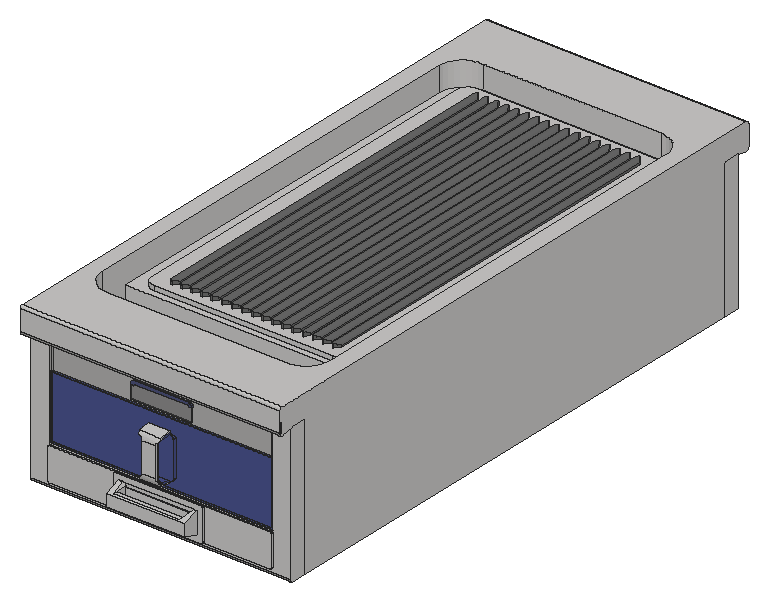
Revit family "QF_ELECTROLUXPROFESSIONAL_589096_MCHNAADOAO", category Specialty Equipment, Revit 2018
Family settings
  Round Connector Dimension = Use Diameter
  Part Type = Normal
  Work Plane-Based = No
  Always vertical = Yes
  Cut with Voids When Loaded = No
  Shared = No
  Room Calculation Point = No
Parameters
  Weight in Pounds = 152.1
  Watts = 5100 VA  # 5100 W
  Volts = 400 V  # constant formula
  URL Cutsheet = ""
  Type Mark [instance] = ""
  Status [instance] = ""
  Specification by User [instance] = ""
  Specification by Manufacturer = ""
  Show Clearance [instance] = yes
  Serial Number = ""
  Seismic Rating = ""
  SMACNA No = ""
  Revision Code [instance] = ""
  Phase = 3  # constant formula
  Omniclass Number and Title = ""
  Number of Poles [instance] = 1
  NAFEM Spec ID Number = ""
  Model = "589096"
  Min Ckt Ampacity = 0 A
  Max Overcurrent Protection = 0 A
  Masterspec = ""
  Manufacturer = "ELECTROLUX"
  Item Number [instance] = ""
  Installed By [instance] = ""
  Identify Quantity as Lot [instance] = yes
  HP = "6.8 HP"
  Furnished By [instance] = ""
  Foodservice Equipment Identifier [instance] = yes
  FL Amps [instance] = if(Phase = 3, Watts / (Volts * 1.73), Watts / Volts)  # 7.36994 A
  Electrical Remarks = "400 V/3N ph/50/60 Hz"  # constant formula
  Electric Connection Type [instance] = ""
  Elec Conn RI Height [instance] = 0 mm
  Elec Conn Connection Height [instance] = 0 mm
  Direct Waste Size = 0"
  Description = "EL.FRYTOP,RIBBED PL,1-SIDE,400X900X250H"
  Cycle [instance] = if([60 Hertz Option], 60 Hz, 50 Hz)  # 60 Hz
  Conn Plug = ""
  Conn Conduit = yes
  CSI MasterFormat = ""
  CSI Master Format = ""
  Apparent Power [instance] = if(Phase = 3, Volts * FL Amps * 1.73, Volts * FL Amps)  # 5100 VA
  60 Hertz Option [instance] = not([50 Hertz Option])  # yes
  50 Hertz Option [instance] = no
Reference planes
  plane 1 "BACK": y = 0
  plane 2: z = 0
  plane 3 "LEFT": x = 0
  plane 4 "RIGHT": x = 400
  plane 5 "FRONT": y = -900
  plane 6 "TOP": z = 250
  plane 7: x = 200
  plane 8: y = -450
  plane 9: y = -1330
Forms (mm)
  Extrusion 1, solid, material "QF_Finishes_Stainless Steel"
    sketch origin (0, -487.128, 0) x (0, 1, 0) y (0, 0, 1)
      loop
        line (483.128, 250) -> (-408.872, 250)
        arc (-408.872, 250) -> (-411.7, 248.828) -> (-412.872, 246) r 4
        line (-412.872, 246) -> (-412.872, 214)
        arc (-412.872, 214) -> (-411.443, 210.936) -> (-408.177, 210.061) r 4
        line (-408.177, 210.061) -> (-391.509, 213) -> (-366.872, 213) -> (-366.872, 0) -> (441.128, 0) -> (441.128, 213) -> (465.765, 213) -> (482.433, 210.061)
        arc (482.433, 210.061) -> (485.699, 210.936) -> (487.128, 214) r 4
        line (487.128, 214) -> (487.128, 246)
        arc (487.128, 246) -> (485.956, 248.828) -> (483.128, 250) r 4
    from 0 to 400
  Extrusion 2, solid, material "QF_Finishes_Stainless Steel"
    sketch origin (0, 0, 0) x (0, 1, 0) y (0, 0, 1)
      loop
        line (-46, 0) -> (-20, 0) -> (-20, 213) -> (-46, 213) -> (-46, 0)
    from 0 to 400
  Extrusion 3, void
    sketch origin (653.786, 44.048, 250) x (1, 0, 0) y (0, -1, 0)
      loop
        line (-590.636, 133.048) -> (-316.936, 133.048)
        arc (-316.936, 133.048) -> (-289.96, 144.222) -> (-278.786, 171.198) r 38.15
        line (-278.786, 171.198) -> (-278.786, 816.572)
        arc (-278.786, 816.572) -> (-290.056, 843.779) -> (-317.263, 855.048) r 38.476
        line (-317.263, 855.048) -> (-591.786, 855.048)
        arc (-591.786, 855.048) -> (-617.949, 844.211) -> (-628.786, 818.048) r 37
        line (-628.786, 818.048) -> (-628.786, 171.198)
        arc (-628.786, 171.198) -> (-617.613, 144.222) -> (-590.636, 133.048) r 38.15
    from 0 to 37
  Extrusion 4, void
    sketch origin (1307.573, 92.096, 213) x (0, 1, 0) y (1, 0, 0)
      loop
        line (-821.846, -932.573) -> (-864.62, -932.573)
        arc (-864.62, -932.573) -> (-891.827, -943.842) -> (-903.096, -971.049) r 38.476
        line (-903.096, -971.049) -> (-903.096, -1245.573)
        arc (-903.096, -1245.573) -> (-892.259, -1271.736) -> (-866.096, -1282.573) r 37
        line (-866.096, -1282.573) -> (-821.846, -1282.573) -> (-821.846, -932.573)
    from 0 to 25.6
  Extrusion 5, void
    sketch origin (1307.573, 92.096, 187.4) x (-1, 0, 0) y (0, 1, 0)
      loop
        circle (1212.573, -862.096) r 22.248
    from 0 to 92
  Extrusion 6, solid, material "QF_Finishes_Stainless Steel"
    sketch origin (0, -854, 0) x (1, 0, 0) y (0, -1, 0)
      loop
        circle (355, -169) r 6.35
    from 0 to 3.2
  Extrusion 7, solid, material "QF_Door-Drawer Clearances", visible <- "Show Clearance", detail levels coarse
    sketch origin (237.31, -881.593, 8.62) x (0, 0, 1) y (-1, 0, 0)
      loop
        line (1.973, -134.295) -> (49.317, -134.295)
        arc (49.317, -134.295) -> (50.776, -133.691) -> (51.38, -132.232) r 2.063
        line (51.38, -132.232) -> (51.38, 206.852)
        arc (51.38, 206.852) -> (50.88, 208.549) -> (49.541, 209.705) r 3.133
        line (49.541, 209.705) -> (3.067, 209.705)
        arc (3.067, 209.705) -> (0.898, 208.807) -> (0, 206.638) r 3.067
        line (0, 206.638) -> (0, -132.322)
        arc (0, -132.322) -> (0.578, -133.717) -> (1.973, -134.295) r 1.973
    from 0 to 448.407
Cuts and joins
  Extrusion 3, Extrusion 4, Extrusion 5 cuts Extrusion 1
Lines and regions (mm)
  symbolic lines
    curve 1: line (215.881, -902.326, 0) -> (215.881, -900, 0)
    curve 2: spline (210.213, -903.73, 0) -> (210.691, -903.657, 0) -> (211.169, -903.575, 0) -> (211.646, -903.486, 0) -> (212.122, -903.389, 0) -> (212.597, -903.283, 0) -> (213.071, -903.17, 0) -> (213.543, -903.049, 0) -> (214.014, -902.92, 0) -> (214.483, -902.783, 0) -> (214.951, -902.638, 0) -> (215.417, -902.486, 0) -> (215.881, -902.326, 0)
    curve 3: line (183.666, -902.326, 0) -> (183.666, -900, 0)
    curve 4: spline (183.666, -902.326, 0) -> (184.13, -902.486, 0) -> (184.596, -902.638, 0) -> (185.064, -902.783, 0) -> (185.533, -902.92, 0) -> (186.004, -903.049, 0) -> (186.476, -903.17, 0) -> (186.95, -903.283, 0) -> (187.425, -903.389, 0) -> (187.901, -903.486, 0) -> (188.378, -903.575, 0) -> (188.856, -903.657, 0) -> (189.334, -903.73, 0)
    curve 5: line (210.213, -903.73, 0) -> (189.334, -903.73, 0)
    curve 6: line (25, -774, 0) -> (25, -127.15, 0)
    curve 7: arc (25, -127.15, 0) -> (36.174, -100.174, 0) -> (63.15, -89, 0) r 38.15
    curve 8: line (63.15, -89, 0) -> (336.85, -89, 0)
    curve 9: arc (336.85, -89, 0) -> (363.826, -100.174, 0) -> (375, -127.15, 0) r 38.15
    curve 10: line (375, -127.15, 0) -> (375, -772.524, 0)
    curve 11: arc (375, -772.524, 0) -> (363.731, -799.731, 0) -> (336.524, -811, 0) r 38.476
    curve 12: line (336.524, -811, 0) -> (62, -811, 0)
    curve 13: arc (62, -811, 0) -> (35.837, -800.163, 0) -> (25, -774, 0) r 37
    curve 14: line (375, -729.75, 0) -> (25, -729.75, 0)
    curve 15: circle (95, -770, 0) r 22.248 normal (0, 0, -1)
    curve 16: line (0, 0, 0) -> (400, 0, 0)
    curve 17: line (0, -900, 0) -> (0, 0, 0)
    curve 18: line (400, -900, 0) -> (0, -900, 0)
    curve 19: line (400, 0, 0) -> (400, -900, 0)
    curve 20: line (147.608, -908.767, 0) -> (250.042, -908.767, 0)
    curve 21: line (250.042, -908.767, 0) -> (251.588, -900, 0)
    curve 22: line (147.608, -908.767, 0) -> (146.062, -900, 0)
  symbolic lines, style "QF_Door-Drawer Clearances"
    curve 23: line (27.605, -1330, 0) -> (27.605, -900, 0)
    curve 24: line (27.605, -1330, 0) -> (371.605, -1330, 0)
    curve 25: line (371.605, -1330, 0) -> (371.605, -900, 0)
Dimensions and locks
  plane 3 "LEFT" to plane 4 "RIGHT" = 400 mm
  plane 5 "FRONT" to plane 1 "BACK" = 900 mm
  equal spacing: plane 3 "LEFT", plane 7, plane 4 "RIGHT"
  equal spacing: plane 5 "FRONT", plane 8, plane 1 "BACK"
  plane 6 "TOP" to level = 250 mm  (x2)
  plane 1 "BACK" to plane 5 "FRONT" = 900 mm
  Extrusion 6 sketch curve to plane 1 "BACK" = 685 mm
  Extrusion 6 sketch curve to plane 4 "RIGHT" = 45 mm
  plane 5 "FRONT" to plane 9 = 430 mm
  aligned and locked: level to plane 2
  aligned and locked: plane 7 to nested 1
  aligned and locked: Extrusion 7 to plane 9
  aligned and locked: plane 7 to nested 2
Automatic sketch dimensions
  Extrusion 1 sketch curve to plane 5 "FRONT" = 0 mm
  Extrusion 1 sketch curve to plane 6 "TOP" = 0 mm
  Extrusion 1 sketch curve to level = 0 mm
  Extrusion 1 sketch curve to plane 1 "BACK" = 0 mm
  Extrusion 1 sketch curve to plane 6 "TOP" = 37 mm  (x2)
  Extrusion 1 sketch curve to plane 5 "FRONT" = 4 mm
  Extrusion 1 sketch curve to plane 5 "FRONT" = 21.363 mm
  Extrusion 1 sketch curve to Extrusion 1 sketch curve = 24.637 mm
  plane 1 "BACK" to Extrusion 1 sketch curve = 46 mm
  plane 1 "BACK" to Extrusion 1 sketch curve = 21.363 mm
  plane 1 "BACK" to Extrusion 1 sketch curve = 4 mm  (x2)
  Extrusion 1 sketch curve to Extrusion 1 sketch curve = 4 mm
  Extrusion 1 sketch curve to Extrusion 1 sketch curve = 0.695 mm
  Extrusion 1 sketch curve to Extrusion 1 sketch curve = 0 mm  (x4)
  plane 1 "BACK" to Extrusion 1 sketch curve = 4.695 mm
  Extrusion 1 sketch curve to Extrusion 1 sketch curve = 1 mm  (x2)
  Extrusion 2 sketch curve to level = 0 mm
  Extrusion 2 sketch curve to Extrusion 2 sketch curve = 26 mm
  plane 1 "BACK" to curve 16 = 0 mm
  curve 16 to plane 4 "RIGHT" = 0 mm
  curve 25 to plane 9 = 0 mm
  curve 17 to plane 3 "LEFT" = 0 mm
  plane 5 "FRONT" to curve 19 = 0 mm
  plane 4 "RIGHT" to curve 10 = 25 mm
  plane 4 "RIGHT" to curve 25 = 28.395 mm
  curve 10 to curve 8 = 38.15 mm
  curve 11 to curve 12 = 38.476 mm
  plane 5 "FRONT" to curve 1 = 2.326 mm
  plane 7 to curve 1 = 15.881 mm
  plane 5 "FRONT" to curve 5 = 3.73 mm
  curve 2 to curve 5 = 5.669 mm
  plane 5 "FRONT" to curve 20 = 8.767 mm
  curve 20 to curve 2 = 39.83 mm
  curve 20 to curve 5 = 60.708 mm
  plane 5 "FRONT" to curve 3 = 2.326 mm
  curve 5 to curve 3 = 5.669 mm
  plane 3 "LEFT" to curve 8 = 63.15 mm
  plane 3 "LEFT" to curve 12 = 62 mm
  plane 3 "LEFT" to curve 24 = 27.605 mm
  plane 3 "LEFT" to curve 6 = 25 mm
  curve 1 to curve 2 = 9.839 mm
  curve 2 to curve 4 = 12.538 mm
  curve 21 to curve 4 = 58.083 mm
  curve 15 to curve 13 = 33 mm
  plane 1 "BACK" to curve 8 = 89 mm
  curve 10 to plane 5 "FRONT" = 127.476 mm
  curve 14 to curve 13 = 44.25 mm
  curve 15 to curve 13 = 4 mm
  curve 4 to plane 5 "FRONT" = 39.101 mm
  curve 4 to curve 2 = 0 mm
  Extrusion 1 to Extrusion 3 sketch curve = 25 mm  (x2)
  Extrusion 1 to Extrusion 3 sketch curve = 85 mm
  Extrusion 3 sketch curve to Extrusion 3 sketch curve = 37 mm
  Extrusion 3 sketch curve to Extrusion 3 sketch curve = 38.15 mm
  Extrusion 1 to Extrusion 3 sketch curve = 63.476 mm
  Extrusion 1 to Extrusion 3 sketch curve = 63.15 mm
  Extrusion 1 to Extrusion 3 sketch curve = 123.15 mm
  Extrusion 4 sketch curve to Extrusion 3 = 0 mm
  Extrusion 4 sketch curve to Extrusion 3 = 38.476 mm
  Extrusion 4 sketch curve to Extrusion 4 sketch curve = 44.25 mm
  Extrusion 5 sketch curve to Extrusion 4 = 70 mm
  Extrusion 5 sketch curve to Extrusion 4 = 40.25 mm
  Extrusion 7 sketch curve to nested 1 = 1.973 mm
  Extrusion 7 sketch curve to nested 1 = 2.853 mm
  Extrusion 7 sketch curve to nested 1 = 1.839 mm
  curve 22 to plane 7 = 52.392 mm
  curve 20 to curve 22 = 1.546 mm
  plane 1 "BACK" to Extrusion 2 sketch curve = 20 mm
  Extrusion 2 sketch curve to plane 6 "TOP" = 37 mm
  radius of curve 15 = 22.248 mm
  radius of Extrusion 4 sketch curve to Extrusion 3 = 0 mm
  radius of Extrusion 5 sketch curve = 22.248 mm
  radius of Extrusion 6 sketch curve = 6.35 mm
  radius of Extrusion 7 sketch curve to nested 1 = 0 mm  (x2)
Nested families
  nested 1: "EG_900_400 Front Panel with Center Grease Trap" at (202.376, -854, -650), type "EG_900_400 Front Panel with Center Grease Trap"
  nested 2: "EG_900_400 mm Full Grate" at (200, -409.375, -675), type "EG_900_400 mm Full Grate"
Connectors
  electrical at (355, -685, -3.2), driven by "Volts", driven by "Watts"
    settings: on Extrusion 6, index 1, voltage 400 V, apparent load 5100 VA, apparent load phase1 0 VA, apparent load phase2 0 VA, apparent load phase3 0 VA, power factor 1, load classification "Other", number of poles 1, system type 30, power factor state 1, is connector primary yes, connector utility no, sub classification motor no, connector description "ELECTRICAL CONNECTION"
Definition of nested family "EG_900_400 Front Panel with Center Grease Trap"
  Reference planes
    plane 1 "Center (Front/Back)": y = 0
    plane 2: z = 0
    plane 3 "Center (Left/Right)": x = -2.376
    plane 4: x = -202.376
    plane 5: x = 197.624
  Forms (mm)
    Extrusion 1, solid
      sketch origin (833.217, 829.203, -1.25) x (0, 1, 0) y (0, 0, 1)
        loop
          arc (-854.203, 654.25) -> (-853.324, 652.129) -> (-851.203, 651.25) r 3
          line (-851.203, 651.25) -> (-829.203, 651.25) -> (-829.203, 864.25) -> (-854.203, 864.25) -> (-854.203, 654.25)
      from -1035.593 to -635.593
    Extrusion 2, void
      sketch origin (33.217, 829.203, -1.25) x (1, 0, 0) y (0, 0, 1)
        loop
          line (-207.593, 855.116) -> (-207.593, 713.116) -> (136.407, 713.116) -> (136.407, 855.116) -> (-207.593, 855.116)
      from 848.59 to 854.203
  Cuts and joins
    Extrusion 2 cuts Extrusion 1
  Dimensions and locks
    equal spacing: plane 5, plane 3 "Center (Left/Right)", plane 4
    plane 5 to plane 4 = 400 mm
    aligned and locked: cut or joined group of Extrusion 1, Extrusion 2 to plane 4
    aligned and locked: plane 5 to cut or joined group of Extrusion 1, Extrusion 2
    aligned and locked: plane 3 "Center (Left/Right)" to nested 2
    aligned and locked: cut or joined group of Extrusion 1, Extrusion 2 to nested 2
    aligned and locked: plane 3 "Center (Left/Right)" to nested 1
    aligned and locked: plane 3 "Center (Left/Right)" to nested 3
  Automatic sketch dimensions
    Extrusion 1 sketch curve to plane 1 "Center (Front/Back)" = 0 mm
    plane 1 "Center (Front/Back)" to Extrusion 1 sketch curve = 22 mm
    Extrusion 1 sketch curve to Extrusion 1 sketch curve = 3 mm
    level to Extrusion 1 sketch curve = 650 mm
    Extrusion 1 sketch curve to Extrusion 1 sketch curve = 210 mm
    plane 4 to Extrusion 2 sketch curve = 28 mm
    Extrusion 2 sketch curve to plane 5 = 28 mm
    level to Extrusion 2 sketch curve = 711.866 mm
    Extrusion 2 sketch curve to Extrusion 2 sketch curve = 142 mm
  Nested families
    nested 1: "Range Control Handle" at (-2.376, -28.137, -209.113) x (-1, 0, 0) z (0, 0, 1), type "Range Control Handle"
    nested 2: "glass conrol panel" at (-2.376, 280.644, 2.752), type "glass conrol panel"
    nested 3: "grease trap door" at (65.223, -25, 0.608) x (-1, 0, 0) z (0, 0, 1), type "grease trap door"
  Definition of nested family "Range Control Handle"
    Reference planes
      plane 1 "Center (Front/Back)": y = 0
      plane 2: z = 0
      plane 3 "Center (Left/Right)": x = 0
      plane 4: z = 971.092
    Forms (mm)
      Extrusion 1, solid
        sketch origin (-746.28, 380.497, 208.931) x (-1, 0, 0) y (0, 0, 1)
          loop
            line (-770.101, 786.798) -> (-770.101, 731.649)
            arc (-770.101, 731.649) -> (-769.759, 730.563) -> (-768.855, 729.87) r 1.893
            line (-768.855, 729.87) -> (-763.474, 727.911) -> (-729.81, 727.911) -> (-724.428, 729.87)
            arc (-724.428, 729.87) -> (-723.525, 730.563) -> (-723.183, 731.649) r 1.893
            line (-723.183, 731.649) -> (-723.183, 786.798)
            arc (-723.183, 786.798) -> (-723.529, 787.894) -> (-724.44, 788.593) r 1.91
            line (-724.44, 788.593) -> (-729.683, 790.819) -> (-763.601, 790.819) -> (-768.844, 788.593)
            arc (-768.844, 788.593) -> (-769.755, 787.894) -> (-770.101, 786.798) r 1.91
        from -382.35 to -378.852
      Sweep 2, solid
        path origin (-746.788, 380.496, 208.091) x (0, -1, 0) y (0, 0, 1)
          loop
            line (379.775, 793.281) -> (395.661, 791.048)
            arc (395.661, 791.048) -> (397.781, 787.377) -> (398.517, 783.202) r 12.207
            line (398.517, 783.202) -> (398.517, 737.368)
            arc (398.517, 737.368) -> (397.781, 733.193) -> (395.661, 729.522) r 12.207
            line (395.661, 729.522) -> (379.775, 727.289)
        profile origin (-746.788, -7.222, 1000.256) x (0, -0.139173, 0.990268) y (-1, 0, 0)
          loop
            line (0.782, -763.123) -> (0.782, -730.907) -> (-1.322, -730.907) -> (-1.322, -763.123) -> (0.782, -763.123)
      Sweep 3, solid
        path origin (-746.788, 380.715, 207.832) x (0, -1, 0) y (0, 0, 1)
          loop
            line (380.478, 795.442) -> (397.218, 793.09)
            arc (397.218, 793.09) -> (399.929, 788.473) -> (400.871, 783.202) r 15.207
            line (400.871, 783.202) -> (400.871, 737.584)
            arc (400.871, 737.584) -> (399.914, 732.274) -> (397.164, 727.633) r 15.207
            line (397.164, 727.633) -> (380.601, 725.305)
        profile origin (-746.788, -8.132, 1002.099) x (0, -0.139173, 0.990268) y (-1, 0, 0)
          loop
            line (0.782, -763.123) -> (0.782, -730.907) -> (-1.322, -730.907) -> (-1.322, -763.123) -> (0.782, -763.123)
      Extrusion 4, void
        sketch origin (889.253, 220.666, 207.993) x (1, 0, 0) y (0, 0, 1)
          loop
            line (-943.038, 816.854) -> (-943.038, 703.686) -> (-899.466, 734.196) -> (-899.466, 786.344) -> (-943.038, 816.854)
        from 230.636 to 242.25
      Extrusion 5, void
        sketch origin (-888.8, 220.666, 207.993) x (-1, 0, 0) y (0, 0, -1)
          loop
            line (-943.038, -816.854) -> (-899.466, -786.344) -> (-899.466, -734.196) -> (-943.038, -703.686) -> (-943.038, -816.854)
        from 230.636 to 242.25
      Extrusion 6, solid
        sketch origin (0, 0, 0) x (1, 0, 0) y (0, 0, 1)
          loop
            circle (0, 971.092) r 7.736
        from -3.137 to -1.645
    Cuts and joins
      Extrusion 4, Extrusion 5 cuts Sweep 3
      Extrusion 4, Extrusion 5 cuts Sweep 2
      joined: Extrusion 1, Extrusion 6
    Lines and regions (mm)
      symbolic lines
        curve 1: line (23.821, 1.645, 0) -> (-23.097, 1.645, 0)
        curve 2: line (16.334, -1.853, 0) -> (23.821, -1.853, 0)
        curve 3: line (-15.881, -19.189, 0) -> (-15.881, -1.853, 0)
        curve 4: line (-23.097, -1.853, 0) -> (-15.881, -1.853, 0)
        curve 5: line (16.334, -19.189, 0) -> (16.334, -1.853, 0)
        curve 6: spline (-15.881, -19.189, 0) -> (-15.417, -19.349, 0) -> (-14.951, -19.501, 0) -> (-14.483, -19.646, 0) -> (-14.014, -19.783, 0) -> (-13.543, -19.912, 0) -> (-13.071, -20.033, 0) -> (-12.597, -20.146, 0) -> (-12.122, -20.251, 0) -> (-11.646, -20.349, 0) -> (-11.169, -20.438, 0) -> (-10.691, -20.52, 0) -> (-10.213, -20.593, 0)
        curve 7: spline (10.666, -20.593, 0) -> (11.144, -20.52, 0) -> (11.622, -20.438, 0) -> (12.099, -20.349, 0) -> (12.575, -20.251, 0) -> (13.05, -20.146, 0) -> (13.524, -20.033, 0) -> (13.996, -19.912, 0) -> (14.467, -19.783, 0) -> (14.936, -19.646, 0) -> (15.404, -19.501, 0) -> (15.87, -19.349, 0) -> (16.334, -19.189, 0)
        curve 8: line (-10.213, -20.938, 0) -> (10.716, -20.938, 0)
        curve 9: line (-23.097, 1.645, 0) -> (-23.097, -1.853, 0)
        curve 10: line (23.821, 1.645, 0) -> (23.821, -1.853, 0)
  Definition of nested family "glass conrol panel"
    Reference planes
      plane 1 "Center (Front/Back)": y = 0
      plane 2: z = 0
      plane 3 "Center (Left/Right)": x = 0
    Forms (mm)
      Extrusion 1, solid
        sketch origin (378.286, 0, 0.617) x (1, 0, 0) y (0, 0, 1)
          loop
            line (-550.286, 806.791) -> (-550.286, 708.497) -> (-206.286, 708.497) -> (-206.286, 806.791) -> (-550.286, 806.791)
        from 300.031 to 304.8
      Extrusion 2, solid
        sketch origin (378.286, 0, 0.617) x (1, 0, 0) y (0, 0, 1)
          loop
            line (-550.286, 850.497) -> (-550.286, 806.791) -> (-206.286, 806.791) -> (-206.286, 850.497) -> (-550.286, 850.497)
        from 300.031 to 304.8
      Extrusion 3, void
        sketch origin (378.286, 0, 0.617) x (1, 0, 0) y (0, 0, 1)
          loop
            line (-547.628, 847.565) -> (-547.628, 710.699) -> (-209.196, 710.699) -> (-209.196, 847.565) -> (-547.628, 847.565)
        from 303.697 to 304.8
      Extrusion 4, solid
        sketch origin (-308.309, 1.101, -0.633) x (-1, 0, 0) y (0, 0, -1)
          loop
            line (-261.431, -812.62) -> (-355.186, -812.62) -> (-355.186, -834.177) -> (-350.269, -834.177) -> (-348.469, -835.977) -> (-268.039, -835.977) -> (-266.24, -834.177) -> (-261.431, -834.177) -> (-261.431, -812.62)
        from 304.798 to 306.745
      Extrusion 5, solid
        sketch origin (-308.309, 1.101, -0.633) x (-1, 0, 0) y (0, 0, -1)
          loop
            line (-350.269, -834.177) -> (-355.078, -834.177)
            arc (-355.078, -834.177) -> (-353.942, -838.747) -> (-349.686, -840.763) r 5.5
            line (-349.686, -840.763) -> (-266.98, -840.763)
            arc (-266.98, -840.763) -> (-262.706, -838.752) -> (-261.529, -834.177) r 5.549
            line (-261.529, -834.177) -> (-266.24, -834.177) -> (-268.039, -835.977) -> (-348.469, -835.977) -> (-350.269, -834.177)
        from 304.798 to 306.745
    Cuts and joins
      Extrusion 3 cuts Extrusion 1
      Extrusion 3 cuts Extrusion 2
    Dimensions and locks
      aligned and locked: Extrusion 1 to Extrusion 2
      aligned and locked: Extrusion 5 sketch curve to Extrusion 4  (x5)
      aligned and locked: Extrusion 5 to Extrusion 4
  Definition of nested family "grease trap door"
    Reference planes
      plane 1 "Center (Front/Back)": y = 0
      plane 2: z = 0
      plane 3 "Center (Left/Right)": x = 0
    Forms (mm)
      Extrusion 1, solid
        sketch origin (1627.55, 854.203, -1.25) x (1, 0, 0) y (0, 0, 1)
          loop
            arc (-1627.55, 661.235) -> (-1626.972, 659.84) -> (-1625.577, 659.262) r 1.973
            line (-1625.577, 659.262) -> (-1494.325, 659.262)
            arc (-1494.325, 659.262) -> (-1492.156, 660.16) -> (-1491.258, 662.329) r 3.067
            line (-1491.258, 662.329) -> (-1491.258, 708.803)
            arc (-1491.258, 708.803) -> (-1492.414, 710.143) -> (-1494.111, 710.642) r 3.133
            line (-1494.111, 710.642) -> (-1625.486, 710.642)
            arc (-1625.486, 710.642) -> (-1626.945, 710.038) -> (-1627.55, 708.579) r 2.063
            line (-1627.55, 708.579) -> (-1627.55, 661.235)
        from 856.795 to 859.203
      Extrusion 2, solid
        sketch origin (445.874, 2476.61, 0) x (0, 1, 0) y (0, 0, 1)
          loop
            line (-2506.377, 675.273) -> (-2481.61, 667.505) -> (-2481.61, 700.995) -> (-2506.377, 693.227) -> (-2506.377, 675.273)
        from -437.68 to -317.68
      Extrusion 3, void
        sketch origin (1627.55, 854.203, -1.25) x (1, 0, 0) y (0, 0, 1)
          loop
            line (-1614.883, 703) -> (-1610.542, 695.433) -> (-1508.17, 695.433) -> (-1503.828, 703) -> (-1614.883, 703)
          loop
            line (-1614.883, 668) -> (-1502.669, 668) -> (-1507.01, 675.567) -> (-1610.542, 675.567) -> (-1614.883, 668)
        from 832.916 to 883.97
      Extrusion 4, void
        sketch origin (447.55, 854.203, -1.25) x (1, 0, 0) y (0, 0, 1)
          loop
            line (-430.542, 695.433) -> (-430.542, 675.567) -> (-328.17, 675.567) -> (-328.17, 695.433) -> (-430.542, 695.433)
        from 859.203 to 874.202
      Extrusion 5, solid
        sketch origin (1627.55, 854.203, -1.25) x (1, 0, 0) y (0, 0, 1)
          loop
            arc (-1731.556, 661.235) -> (-1730.978, 659.84) -> (-1729.583, 659.262) r 1.973
            line (-1729.583, 659.262) -> (-1390.623, 659.262)
            arc (-1390.623, 659.262) -> (-1388.454, 660.16) -> (-1387.556, 662.329) r 3.067
            line (-1387.556, 662.329) -> (-1387.556, 708.803)
            arc (-1387.556, 708.803) -> (-1388.712, 710.143) -> (-1390.409, 710.642) r 3.133
            line (-1390.409, 710.642) -> (-1729.493, 710.642)
            arc (-1729.493, 710.642) -> (-1730.952, 710.038) -> (-1731.556, 708.579) r 2.063
            line (-1731.556, 708.579) -> (-1731.556, 661.235)
        from 854.203 to 856.795
    Cuts and joins
      Extrusion 3 cuts Extrusion 1
      Extrusion 3, Extrusion 4 cuts Extrusion 2
      joined: Extrusion 1, Extrusion 2
    Lines and regions (mm)
      symbolic lines
        curve 1: line (0, -2.593, 0) -> (136.292, -2.593, 0)
        curve 2: line (17.557, -29.767, 0) -> (12.667, -2.593, 0)
        curve 3: line (17.557, -29.767, 0) -> (119.991, -29.767, 0)
        curve 4: line (119.991, -29.767, 0) -> (124.881, -2.593, 0)
        curve 5: line (68.146, -2.593, 0) -> (68.146, -29.767, 0)
      model lines
        curve 6: line (67.599, 0, 658.012) -> (67.599, 0, 709.392)
    Dimensions and locks
      aligned and locked: Extrusion 2 to Extrusion 1
      aligned and locked: Extrusion 3 to Extrusion 2
      aligned and locked: Extrusion 4 to Extrusion 1
Definition of nested family "EG_900_400 mm Full Grate"
  Parameters
    Length = 262 mm
    Array = Length / 15 mm  # 17
  Reference planes
    plane 1: z = 0
    plane 2 "Center (Left/Right)": x = 0
    plane 3: z = 900
    plane 4: z = 888
    plane 5: x = -175
    plane 6: x = 135
    plane 7: x = -151
    plane 8: x = 131
  Forms (mm)
    Extrusion 1, solid
      sketch origin (653.786, 467.26, 0) x (1, 0, 0) y (0, 1, 0)
        loop
          line (-808.786, -175.198) -> (-808.786, -760.472)
          arc (-808.786, -760.472) -> (-803.807, -772.493) -> (-791.786, -777.472) r 17
          line (-791.786, -777.472) -> (-516.936, -777.472)
          arc (-516.936, -777.472) -> (-504.102, -772.156) -> (-498.786, -759.322) r 18.15
          line (-498.786, -759.322) -> (-498.786, -175.198)
          arc (-498.786, -175.198) -> (-504.102, -162.364) -> (-516.936, -157.048) r 18.15
          line (-516.936, -157.048) -> (-790.636, -157.048)
          arc (-790.636, -157.048) -> (-803.47, -162.364) -> (-808.786, -175.198) r 18.15
      from 888 to 894.474
  Lines and regions (mm)
    symbolic lines
      curve 1: line (-131, 286.484, 0) -> (-124.5, 295.767, 0)
      curve 2: line (-124.5, 295.767, 0) -> (-118, 286.484, 0)
      curve 3: line (-118, -286.484, 0) -> (-118, 286.484, 0)
      curve 4: line (-131, 286.484, 0) -> (-131, -286.484, 0)
      curve 5: line (-124.5, -295.767, 0) -> (-131, -286.484, 0)
      curve 6: line (-118, -286.484, 0) -> (-124.5, -295.767, 0)
      curve 7: line (136.85, 310.212, 0) -> (-136.85, 310.212, 0)
      curve 8: arc (-136.85, 310.212, 0) -> (-149.684, 304.896, 0) -> (-155, 292.062, 0) r 18.15
      curve 9: line (-155, 292.062, 0) -> (-155, -293.212, 0)
      curve 10: arc (-155, -293.212, 0) -> (-150.021, -305.233, 0) -> (-138, -310.212, 0) r 17
      curve 11: line (-138, -310.212, 0) -> (136.85, -310.212, 0)
      curve 12: arc (136.85, -310.212, 0) -> (149.684, -304.896, 0) -> (155, -292.062, 0) r 18.15
      curve 13: line (155, -292.062, 0) -> (155, 292.062, 0)
      curve 14: arc (155, 292.062, 0) -> (149.684, 304.896, 0) -> (136.85, 310.212, 0) r 18.15
      curve 15: line (118, 286.484, 0) -> (124.5, 295.767, 0)
      curve 16: line (124.5, 295.767, 0) -> (131, 286.484, 0)
      curve 17: line (131, -286.484, 0) -> (131, 286.484, 0)
      curve 18: line (118, 286.484, 0) -> (118, -286.484, 0)
      curve 19: line (124.5, -295.767, 0) -> (118, -286.484, 0)
      curve 20: line (131, -286.484, 0) -> (124.5, -295.767, 0)
      curve 21: line (-115.438, 286.484, 0) -> (-108.938, 295.767, 0)
      curve 22: line (-108.938, 295.767, 0) -> (-102.438, 286.484, 0)
      curve 23: line (-102.438, -286.484, 0) -> (-102.438, 286.484, 0)
      curve 24: line (-115.438, 286.484, 0) -> (-115.438, -286.484, 0)
      curve 25: line (-108.938, -295.767, 0) -> (-115.438, -286.484, 0)
      curve 26: line (-102.438, -286.484, 0) -> (-108.938, -295.767, 0)
      curve 27: line (-99.875, 286.484, 0) -> (-93.375, 295.767, 0)
      curve 28: line (-93.375, 295.767, 0) -> (-86.875, 286.484, 0)
      curve 29: line (-86.875, -286.484, 0) -> (-86.875, 286.484, 0)
      curve 30: line (-99.875, 286.484, 0) -> (-99.875, -286.484, 0)
      curve 31: line (-93.375, -295.767, 0) -> (-99.875, -286.484, 0)
      curve 32: line (-86.875, -286.484, 0) -> (-93.375, -295.767, 0)
      curve 33: line (-84.313, 286.484, 0) -> (-77.813, 295.767, 0)
      curve 34: line (-77.813, 295.767, 0) -> (-71.313, 286.484, 0)
      curve 35: line (-71.313, -286.484, 0) -> (-71.313, 286.484, 0)
      curve 36: line (-84.313, 286.484, 0) -> (-84.313, -286.484, 0)
      curve 37: line (-77.813, -295.767, 0) -> (-84.313, -286.484, 0)
      curve 38: line (-71.313, -286.484, 0) -> (-77.813, -295.767, 0)
      curve 39: line (-68.75, 286.484, 0) -> (-62.25, 295.767, 0)
      curve 40: line (-62.25, 295.767, 0) -> (-55.75, 286.484, 0)
      curve 41: line (-55.75, -286.484, 0) -> (-55.75, 286.484, 0)
      curve 42: line (-68.75, 286.484, 0) -> (-68.75, -286.484, 0)
      curve 43: line (-62.25, -295.767, 0) -> (-68.75, -286.484, 0)
      curve 44: line (-55.75, -286.484, 0) -> (-62.25, -295.767, 0)
      curve 45: line (-53.188, 286.484, 0) -> (-46.688, 295.767, 0)
      curve 46: line (-46.688, 295.767, 0) -> (-40.188, 286.484, 0)
      curve 47: line (-40.188, -286.484, 0) -> (-40.188, 286.484, 0)
      curve 48: line (-53.188, 286.484, 0) -> (-53.188, -286.484, 0)
      curve 49: line (-46.688, -295.767, 0) -> (-53.188, -286.484, 0)
      curve 50: line (-40.188, -286.484, 0) -> (-46.688, -295.767, 0)
      curve 51: line (-37.625, 286.484, 0) -> (-31.125, 295.767, 0)
      curve 52: line (-31.125, 295.767, 0) -> (-24.625, 286.484, 0)
      curve 53: line (-24.625, -286.484, 0) -> (-24.625, 286.484, 0)
      curve 54: line (-37.625, 286.484, 0) -> (-37.625, -286.484, 0)
      curve 55: line (-31.125, -295.767, 0) -> (-37.625, -286.484, 0)
      curve 56: line (-24.625, -286.484, 0) -> (-31.125, -295.767, 0)
      curve 57: line (-22.063, 286.484, 0) -> (-15.563, 295.767, 0)
      curve 58: line (-15.563, 295.767, 0) -> (-9.063, 286.484, 0)
      curve 59: line (-9.063, -286.484, 0) -> (-9.063, 286.484, 0)
      curve 60: line (-22.063, 286.484, 0) -> (-22.063, -286.484, 0)
      curve 61: line (-15.563, -295.767, 0) -> (-22.063, -286.484, 0)
      curve 62: line (-9.063, -286.484, 0) -> (-15.563, -295.767, 0)
      curve 63: line (-6.5, 286.484, 0) -> (0, 295.767, 0)
      curve 64: line (0, 295.767, 0) -> (6.5, 286.484, 0)
      curve 65: line (6.5, -286.484, 0) -> (6.5, 286.484, 0)
      curve 66: line (-6.5, 286.484, 0) -> (-6.5, -286.484, 0)
      curve 67: line (0, -295.767, 0) -> (-6.5, -286.484, 0)
      curve 68: line (6.5, -286.484, 0) -> (0, -295.767, 0)
      curve 69: line (9.062, 286.484, 0) -> (15.562, 295.767, 0)
      curve 70: line (15.562, 295.767, 0) -> (22.062, 286.484, 0)
      curve 71: line (22.062, -286.484, 0) -> (22.062, 286.484, 0)
      curve 72: line (9.062, 286.484, 0) -> (9.062, -286.484, 0)
      curve 73: line (15.562, -295.767, 0) -> (9.062, -286.484, 0)
      curve 74: line (22.062, -286.484, 0) -> (15.562, -295.767, 0)
      curve 75: line (24.625, 286.484, 0) -> (31.125, 295.767, 0)
      curve 76: line (31.125, 295.767, 0) -> (37.625, 286.484, 0)
      curve 77: line (37.625, -286.484, 0) -> (37.625, 286.484, 0)
      curve 78: line (24.625, 286.484, 0) -> (24.625, -286.484, 0)
      curve 79: line (31.125, -295.767, 0) -> (24.625, -286.484, 0)
      curve 80: line (37.625, -286.484, 0) -> (31.125, -295.767, 0)
      curve 81: line (40.187, 286.484, 0) -> (46.687, 295.767, 0)
      curve 82: line (46.687, 295.767, 0) -> (53.188, 286.484, 0)
      curve 83: line (53.188, -286.484, 0) -> (53.188, 286.484, 0)
      curve 84: line (40.187, 286.484, 0) -> (40.187, -286.484, 0)
      curve 85: line (46.687, -295.767, 0) -> (40.187, -286.484, 0)
      curve 86: line (53.188, -286.484, 0) -> (46.687, -295.767, 0)
      curve 87: line (55.75, 286.484, 0) -> (62.25, 295.767, 0)
      curve 88: line (62.25, 295.767, 0) -> (68.75, 286.484, 0)
      curve 89: line (68.75, -286.484, 0) -> (68.75, 286.484, 0)
      curve 90: line (55.75, 286.484, 0) -> (55.75, -286.484, 0)
      curve 91: line (62.25, -295.767, 0) -> (55.75, -286.484, 0)
      curve 92: line (68.75, -286.484, 0) -> (62.25, -295.767, 0)
      curve 93: line (71.312, 286.484, 0) -> (77.812, 295.767, 0)
      curve 94: line (77.812, 295.767, 0) -> (84.313, 286.484, 0)
      curve 95: line (84.313, -286.484, 0) -> (84.313, 286.484, 0)
      curve 96: line (71.312, 286.484, 0) -> (71.312, -286.484, 0)
      curve 97: line (77.812, -295.767, 0) -> (71.312, -286.484, 0)
      curve 98: line (84.313, -286.484, 0) -> (77.812, -295.767, 0)
      curve 99: line (86.875, 286.484, 0) -> (93.375, 295.767, 0)
      curve 100: line (93.375, 295.767, 0) -> (99.875, 286.484, 0)
      curve 101: line (99.875, -286.484, 0) -> (99.875, 286.484, 0)
      curve 102: line (86.875, 286.484, 0) -> (86.875, -286.484, 0)
      curve 103: line (93.375, -295.767, 0) -> (86.875, -286.484, 0)
      curve 104: line (99.875, -286.484, 0) -> (93.375, -295.767, 0)
      curve 105: line (102.438, 286.484, 0) -> (108.938, 295.767, 0)
      curve 106: line (108.938, 295.767, 0) -> (115.438, 286.484, 0)
      curve 107: line (115.438, -286.484, 0) -> (115.438, 286.484, 0)
      curve 108: line (102.438, 286.484, 0) -> (102.438, -286.484, 0)
      curve 109: line (108.938, -295.767, 0) -> (102.438, -286.484, 0)
      curve 110: line (115.438, -286.484, 0) -> (108.938, -295.767, 0)
  Dimensions and locks
    plane 3 to level = 900 mm
    plane 3 to plane 4 = 12 mm
    plane 5 to plane 6 = 310 mm
    aligned and locked: Extrusion 1 to nested 1
  Nested families
    nested 1: "Grate for Griddle" at (-124.5, 0, 11.99), type "Grate for Griddle"
    nested 2: "Grate for Griddle" at (124.5, 0, 11.99), type "Grate for Griddle"
    nested 3: "Grate for Griddle" at (-108.938, 0, 11.99), type "Grate for Griddle"
    nested 4: "Grate for Griddle" at (-93.375, 0, 11.99), type "Grate for Griddle"
    nested 5: "Grate for Griddle" at (-77.813, 0, 11.99), type "Grate for Griddle"
    nested 6: "Grate for Griddle" at (-62.25, 0, 11.99), type "Grate for Griddle"
    nested 7: "Grate for Griddle" at (-46.688, 0, 11.99), type "Grate for Griddle"
    nested 8: "Grate for Griddle" at (-31.125, 0, 11.99), type "Grate for Griddle"
    nested 9: "Grate for Griddle" at (-15.563, 0, 11.99), type "Grate for Griddle"
    nested 10: "Grate for Griddle" at (0, 0, 11.99), type "Grate for Griddle"
    nested 11: "Grate for Griddle" at (15.562, 0, 11.99), type "Grate for Griddle"
    nested 12: "Grate for Griddle" at (31.125, 0, 11.99), type "Grate for Griddle"
    nested 13: "Grate for Griddle" at (46.687, 0, 11.99), type "Grate for Griddle"
    nested 14: "Grate for Griddle" at (62.25, 0, 11.99), type "Grate for Griddle"
    nested 15: "Grate for Griddle" at (77.812, 0, 11.99), type "Grate for Griddle"
    nested 16: "Grate for Griddle" at (93.375, 0, 11.99), type "Grate for Griddle"
    nested 17: "Grate for Griddle" at (108.938, 0, 11.99), type "Grate for Griddle"
  Definition of nested family "Grate for Griddle"
    Reference planes
      plane 1 "Center (Front/Back)": y = 0
      plane 2: z = 0
      plane 3 "Center (Left/Right)": x = 0
      plane 4: x = -5.214
      plane 5: x = 7.786
      plane 6: y = 294
      plane 7: y = -294
    Forms (mm)
      Extrusion 1, solid
        sketch origin (1322.686, 294, -6.066) x (1, 0, 0) y (0, 0, 1)
          loop
            line (-1316.186, 888.55) -> (-1316.186, 890.55)
            arc (-1316.186, 890.55) -> (-1322.686, 894.177) -> (-1329.186, 890.55) r 7.638
            line (-1329.186, 890.55) -> (-1329.186, 888.55) -> (-1316.186, 888.55)
        from 0 to 588
      Extrusion 2, void
        sketch origin (0, 0, 0) x (1, 0, 0) y (0, 1, 0)
          loop
            line (-1.237, 294) -> (-6.5, 294) -> (-6.5, 286.484) -> (-1.237, 294)
          loop
            line (1.237, 294) -> (6.5, 286.484) -> (6.5, 294) -> (1.237, 294)
          loop
            line (-1.237, -294) -> (-6.5, -286.484) -> (-6.5, -294) -> (-1.237, -294)
          loop
            line (1.237, -294) -> (6.5, -294) -> (6.5, -286.484) -> (1.237, -294)
        from 878.991 to 892.372
    Cuts and joins
      Extrusion 2 cuts Extrusion 1
    Lines and regions (mm)
      symbolic lines
        curve 1: line (6.5, -286.484, 0) -> (6.5, 286.484, 0)
        curve 2: line (6.5, -286.484, 0) -> (1.237, -294, 0)
        curve 3: line (-1.237, -294, 0) -> (-6.5, -286.484, 0)
        curve 4: line (-6.5, 286.484, 0) -> (-6.5, -286.484, 0)
        curve 5: line (-6.5, 286.484, 0) -> (-1.237, 294, 0)
        curve 6: line (1.237, 294, 0) -> (6.5, 286.484, 0)
    Dimensions and locks
      plane 6 to plane 7 = 588 mm
      aligned and locked: Extrusion 1 to plane 7
      aligned and locked: plane 6 to Extrusion 1
      aligned and locked: curve 1 to cut or joined group of Extrusion 1, Extrusion 2
      aligned and locked: curve 2 to cut or joined group of Extrusion 1, Extrusion 2
      aligned and locked: curve 3 to cut or joined group of Extrusion 1, Extrusion 2
      aligned and locked: curve 4 to cut or joined group of Extrusion 1, Extrusion 2
      aligned and locked: curve 5 to cut or joined group of Extrusion 1, Extrusion 2
      aligned and locked: curve 6 to cut or joined group of Extrusion 1, Extrusion 2
